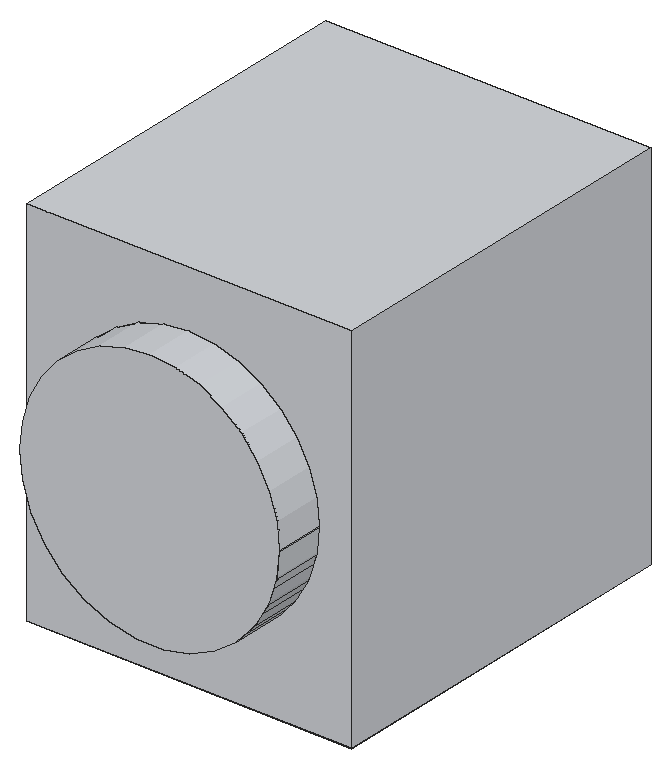
Revit family "ea8eb9d373df44b3a87d1cc4912877e8", category Duct Fittings, Revit 2021
Family settings
  Round Connector Dimension = Use Radius
  Part Type = Elbow
  OmniClass Number = 23.75.70.11.14.24
  OmniClass Title = Air Mixers
  Seek Item ID = VAV Outlet Plenum - Elbow-0000-USA-ENU
  Work Plane-Based = No
  Always vertical = Yes
  Cut with Voids When Loaded = No
  Shared = No
Parameters (values of type "Standard")
  Plenum Length = 10"
  Lining Thickness = 0"
  Length 2 = 0' 1 1/2" + Insulation Thickness  # 1 1/2"
  Length 1 = 0' 0 1/2" + Insulation Thickness  # 1/2"
  Insulation Thickness = 0"
  Duct Width = 10"
  Duct Radius = Duct Diameter / 2  # 4"
  Duct Lining Radius = Duct Radius - Lining Thickness  # 4"
  Duct Insulation Radius = Duct Radius + Insulation Thickness  # 4"
  Duct Height = 10"
  Duct Diameter = 8"
  Default Elevation = 0' - 0"
Reference planes (in)
  plane 1 "Center (Front/Back)": y = 0
  plane 2: z = 0
  plane 3 "Center (Left/Right)": x = 0
  plane 4: x = -5
  plane 5: x = 5
  plane 6: y = 5.75
  plane 7: y = -5.75
  plane 8: x = -5.5
  plane 9: z = -5.75
  plane 10: z = 5.75
  plane 11: y = 5
  plane 12: y = -5
  plane 13: z = 5
  plane 14: z = -5
  plane 15: y = -7.25
  plane 16: x = -5
  plane 17: x = 5
  plane 18: y = 5
  plane 19: y = -5
  plane 20: y = 5.75
  plane 21: y = -5.75
  plane 22: z = 5
  plane 23: z = -5
  plane 24: z = -5.75
  plane 25: z = 5.75
  plane 26: y = 5.75
  plane 27: y = -5.75
  plane 28: x = -5
  plane 29: x = 5
  plane 30: z = 5.75
  plane 31: z = -5.75
  plane 32: y = 5
  plane 33: y = -5
  plane 34: z = 5
  plane 35: z = -5
Forms (in)
  Extrusion 1, solid
    sketch origin (0, 0, 0) x (1, 0, 0) y (0, 1, 0)
      loop
        line (-5, 5.75) -> (-5, -5.75) -> (5, -5.75) -> (5, 5.75) -> (-5, 5.75)
    from -5.75 to 5.75
  Extrusion 2, solid
    sketch origin (0, 0, 0) x (0, 1, 0) y (0, 0, 1)
      loop
        line (5, 5) -> (-5, 5) -> (-5, -5) -> (5, -5) -> (5, 5)
    from -5.5 to -5
  Extrusion 3, solid
    sketch origin (0, 0, 0) x (1, 0, 0) y (0, 0, 1)
      loop
        circle (0, 0) r 4
    from 5.75 to 7.25
  Extrusion 4, solid
    sketch origin (0, 0, 0) x (1, 0, 0) y (0, 1, 0)
      loop
        line (-5.5, 5) -> (-5.5, -5) -> (-5, -5) -> (-5, 5) -> (-5.5, 5)
    from -5 to 5
  Extrusion 5, solid
    sketch origin (0, 0, 0) x (1, 0, 0) y (0, 1, 0)
      loop
        line (-5, 5.75) -> (-5, -5.75) -> (5, -5.75) -> (5, 5.75) -> (-5, 5.75)
    from -5.75 to 5.75
  Extrusion 6, solid
    sketch origin (0, 0, 0) x (1, 0, 0) y (0, 0, 1)
      loop
        circle (0, 0) r 4
    from 5.75 to 7.25
  Extrusion 7, solid
    sketch origin (0, 0, 0) x (1, 0, 0) y (0, 1, 0)
      loop
        line (-5, 5.75) -> (-5, -5.75) -> (5, -5.75) -> (5, 5.75) -> (-5, 5.75)
    from -5.75 to 5.75
  Extrusion 8, solid
    sketch origin (0, 0, 0) x (1, 0, 0) y (0, 1, 0)
      loop
        line (-5.5, 5) -> (-5.5, -5) -> (-5, -5) -> (-5, 5) -> (-5.5, 5)
    from -5 to 5
  Extrusion 9, solid
    sketch origin (0, 0, 0) x (1, 0, 0) y (0, 0, 1)
      loop
        circle (0, 0) r 4
    from 5.75 to 7.25
Cuts and joins
  joined: Extrusion 4, Extrusion 5, Extrusion 6
Dimensions and locks (in)
  equal spacing: plane 4, plane 3 "Center (Left/Right)", plane 5
  "Plenum Length": plane 4 to plane 5
  "Length 1": plane 8 to plane 4
  locked: plane 6 to plane 11 at 0.75
  locked: plane 12 to plane 7 at 0.75
  locked: plane 10 to plane 13 at 0.75
  locked: plane 9 to plane 14 at 0.75
  equal spacing: plane 12, plane 1 "Center (Front/Back)", plane 11
  "Duct Width": plane 12 to plane 11
  equal spacing: plane 13, plane 2, plane 14
  "Duct Height": plane 13 to plane 14
  "Lining Thickness": plane 4 to plane 16
  "Lining Thickness": plane 17 to plane 5
  "Lining Thickness": plane 11 to plane 18
  "Lining Thickness": plane 12 to plane 19
  "Lining Thickness": plane 6 to plane 20
  "Lining Thickness": plane 7 to plane 21
  "Lining Thickness": plane 22 to plane 13
  "Lining Thickness": plane 14 to plane 23
  "Lining Thickness": plane 24 to plane 9
  "Lining Thickness": plane 25 to plane 10
  "Insulation Thickness": plane 26 to plane 6
  "Length 2": plane 7 to plane 15
  "Insulation Thickness": plane 27 to plane 7
  "Insulation Thickness": plane 28 to plane 4
  "Insulation Thickness": plane 5 to plane 29
  "Insulation Thickness": plane 10 to plane 30
  "Insulation Thickness": plane 31 to plane 9
  "Insulation Thickness": plane 11 to plane 32
  "Insulation Thickness": plane 33 to plane 12
  "Insulation Thickness": plane 34 to plane 13
  "Insulation Thickness": plane 35 to plane 14
  "Duct Radius": radius of Extrusion 3 sketch curve
  "Duct Lining Radius": radius of Extrusion 6 sketch curve
  "Duct Insulation Radius": radius of Extrusion 9 sketch curve
  aligned and locked: plane 4 to Extrusion 1 sketch curve
  aligned and locked: Extrusion 1 sketch curve to plane 6
  aligned and locked: plane 7 to Extrusion 1 sketch curve
  aligned and locked: Extrusion 1 to plane 9
  aligned and locked: Extrusion 1 to plane 10
  aligned and locked: plane 11 to Extrusion 2 sketch curve
  aligned and locked: Extrusion 2 sketch curve to plane 13
  aligned and locked: plane 12 to Extrusion 2 sketch curve
  aligned and locked: Extrusion 2 sketch curve to plane 14
  aligned and locked: Extrusion 2 to plane 8
  aligned and locked: plane 4 to Extrusion 2
  aligned and locked: plane 2 to Extrusion 3 sketch curve
  aligned and locked: plane 3 "Center (Left/Right)" to Extrusion 3 sketch curve
  aligned and locked: plane 7 to Extrusion 3
  aligned and locked: Extrusion 3 to plane 15
  aligned and locked: Extrusion 4 sketch curve to plane 19
  aligned and locked: plane 8 to Extrusion 4 sketch curve
  aligned and locked: Extrusion 4 sketch curve to plane 16
  aligned and locked: Extrusion 4 sketch curve to plane 18
  aligned and locked: Extrusion 4 to plane 23
  aligned and locked: plane 22 to Extrusion 4
  aligned and locked: Extrusion 5 sketch curve to plane 20
  aligned and locked: plane 17 to Extrusion 5 sketch curve
  aligned and locked: plane 16 to Extrusion 5 sketch curve
  aligned and locked: plane 24 to Extrusion 5
  aligned and locked: Extrusion 5 to plane 25
  aligned and locked: plane 2 to Extrusion 6 sketch curve
  aligned and locked: plane 3 "Center (Left/Right)" to Extrusion 6 sketch curve
  aligned and locked: Extrusion 6 to plane 21
  aligned and locked: Extrusion 6 to plane 15
  aligned and locked: Extrusion 7 sketch curve to plane 26
  aligned and locked: plane 29 to Extrusion 7 sketch curve
  aligned and locked: Extrusion 7 sketch curve to plane 27
  aligned and locked: plane 28 to Extrusion 7 sketch curve
  aligned and locked: plane 30 to Extrusion 7
  aligned and locked: plane 31 to Extrusion 7
  aligned and locked: plane 32 to Extrusion 8 sketch curve
  aligned and locked: Extrusion 8 sketch curve to plane 33
  aligned and locked: plane 8 to Extrusion 8 sketch curve
  aligned and locked: Extrusion 8 sketch curve to plane 28
  aligned and locked: Extrusion 8 to plane 35
  aligned and locked: plane 34 to Extrusion 8
  aligned and locked: plane 3 "Center (Left/Right)" to Extrusion 9 sketch curve
  aligned and locked: plane 2 to Extrusion 9 sketch curve
  aligned and locked: Extrusion 9 to plane 15
  aligned and locked: Extrusion 9 to plane 27
Automatic sketch dimensions
  plane 3 "Center (Left/Right)" to Extrusion 1 sketch curve = 0' - 5"
  plane 19 to Extrusion 5 sketch curve = 0' - 0 3/4"
Connectors (in)
  hvac at (-5.5, 0, 0), driven by "Duct Width", driven by "Duct Height"
    settings: on Extrusion 2, index 1, duct flow 0 CFM, flow factor 0, pres drop 0.00 in-wg, loss coef 0, conn angle 0.00°, conn width 10", conn height 10", conn diameter 24", duct sys type 28, conn prof type 1, flow config 0, flow direction 0, loss method 0, conn ref index 2, conn util no, is conn primary yes, conn desc ""
  hvac at (0, -7.25, 0), driven by "Duct Radius"
    settings: on Extrusion 3, index 2, duct flow 0 CFM, flow factor 0, pres drop 0.00 in-wg, loss coef 0, conn angle 0.00°, conn width 12", conn height 12", conn diameter 8", duct sys type 28, conn prof type 0, flow config 0, flow direction 0, loss method 0, conn ref index 1, conn util no, is conn primary no, conn desc ""
